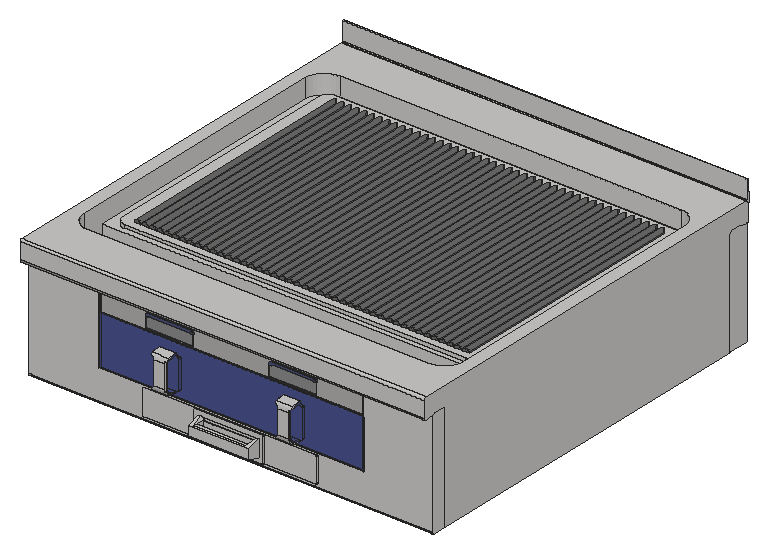
Revit family "QF_ELECTROLUXPROFESSIONAL_588067_MAHNABHOAO", category Specialty Equipment, Revit 2018 (continued)
Definition of nested family "EG_800_800 mm Full Grate"
  Automatic sketch dimensions
    curve 56 to curve 56 = 6.5 mm
    curve 60 to curve 57 = 9.283 mm
    curve 59 to curve 58 = 9.283 mm
    curve 58 to curve 58 = 472.969 mm
    curve 55 to curve 57 = 0 mm
    curve 55 to curve 55 = 9.283 mm
    curve 61 to curve 61 = 6.5 mm
    curve 64 to curve 65 = 6.5 mm
    curve 62 to curve 62 = 6.5 mm
    curve 66 to curve 63 = 9.283 mm
    curve 65 to curve 64 = 9.283 mm
    curve 64 to curve 64 = 472.969 mm
    curve 61 to curve 63 = 0 mm
    curve 61 to curve 61 = 9.283 mm
    curve 67 to curve 67 = 6.5 mm
    curve 70 to curve 71 = 6.5 mm
    curve 68 to curve 68 = 6.5 mm
    curve 72 to curve 69 = 9.283 mm
    curve 71 to curve 70 = 9.283 mm
    curve 70 to curve 70 = 472.969 mm
    curve 67 to curve 69 = 0 mm
    curve 67 to curve 67 = 9.283 mm
    curve 73 to curve 73 = 6.5 mm
    curve 76 to curve 77 = 6.5 mm
    curve 74 to curve 74 = 6.5 mm
    curve 78 to curve 75 = 9.283 mm
    curve 77 to curve 76 = 9.283 mm
    curve 76 to curve 76 = 472.969 mm
    curve 73 to curve 75 = 0 mm
    curve 73 to curve 73 = 9.283 mm
    curve 79 to curve 79 = 6.5 mm
    curve 82 to curve 83 = 6.5 mm
    curve 80 to curve 80 = 6.5 mm
    curve 84 to curve 81 = 9.283 mm
    curve 83 to curve 82 = 9.283 mm
    curve 82 to curve 82 = 472.969 mm
    curve 79 to curve 81 = 0 mm
    curve 79 to curve 79 = 9.283 mm
    curve 85 to curve 85 = 6.5 mm
    curve 88 to curve 89 = 6.5 mm
    curve 86 to curve 86 = 6.5 mm
    curve 90 to curve 87 = 9.283 mm
    curve 89 to curve 88 = 9.283 mm
    curve 88 to curve 88 = 472.969 mm
    curve 85 to curve 87 = 0 mm
    curve 85 to curve 85 = 9.283 mm
    curve 91 to curve 91 = 6.5 mm
    curve 94 to curve 95 = 6.5 mm
    curve 92 to curve 92 = 6.5 mm
    curve 96 to curve 93 = 9.283 mm
    curve 95 to curve 94 = 9.283 mm
    curve 94 to curve 94 = 472.969 mm
    curve 91 to curve 93 = 0 mm
    curve 91 to curve 91 = 9.283 mm
    curve 97 to curve 97 = 6.5 mm
    curve 100 to curve 101 = 6.5 mm
    curve 98 to curve 98 = 6.5 mm
    curve 102 to curve 99 = 9.283 mm
    curve 101 to curve 100 = 9.283 mm
    curve 100 to curve 100 = 472.969 mm
    curve 97 to curve 99 = 0 mm
    curve 97 to curve 97 = 9.283 mm
    curve 103 to curve 103 = 6.5 mm
    curve 106 to curve 107 = 6.5 mm
    curve 104 to curve 104 = 6.5 mm
    curve 108 to curve 105 = 9.283 mm
    curve 107 to curve 106 = 9.283 mm
    curve 106 to curve 106 = 472.969 mm
    curve 103 to curve 105 = 0 mm
    curve 103 to curve 103 = 9.283 mm
    curve 109 to curve 109 = 6.5 mm
    curve 112 to curve 113 = 6.5 mm
    curve 110 to curve 110 = 6.5 mm
    curve 114 to curve 111 = 9.283 mm
    curve 113 to curve 112 = 9.283 mm
    curve 112 to curve 112 = 472.969 mm
    curve 109 to curve 111 = 0 mm
    curve 109 to curve 109 = 9.283 mm
    curve 115 to curve 115 = 6.5 mm
    curve 118 to curve 119 = 6.5 mm
    curve 116 to curve 116 = 6.5 mm
    curve 120 to curve 117 = 9.283 mm
    curve 119 to curve 118 = 9.283 mm
    curve 118 to curve 118 = 472.969 mm
    curve 115 to curve 117 = 0 mm
    curve 115 to curve 115 = 9.283 mm
    curve 121 to curve 121 = 6.5 mm
    curve 124 to curve 125 = 6.5 mm
    curve 122 to curve 122 = 6.5 mm
    curve 126 to curve 123 = 9.283 mm
    curve 125 to curve 124 = 9.283 mm
    curve 124 to curve 124 = 472.969 mm
    curve 121 to curve 123 = 0 mm
    curve 121 to curve 121 = 9.283 mm
    curve 127 to curve 127 = 6.5 mm
    curve 130 to curve 131 = 6.5 mm
    curve 128 to curve 128 = 6.5 mm
    curve 132 to curve 129 = 9.283 mm
    curve 131 to curve 130 = 9.283 mm
    curve 130 to curve 130 = 472.969 mm
    curve 127 to curve 129 = 0 mm
    curve 127 to curve 127 = 9.283 mm
    curve 133 to curve 133 = 6.5 mm
    curve 136 to curve 137 = 6.5 mm
    curve 134 to curve 134 = 6.5 mm
    curve 138 to curve 135 = 9.283 mm
    curve 137 to curve 136 = 9.283 mm
    curve 136 to curve 136 = 472.969 mm
    curve 133 to curve 135 = 0 mm
    curve 133 to curve 133 = 9.283 mm
    curve 139 to curve 139 = 6.5 mm
    curve 142 to curve 143 = 6.5 mm
    curve 140 to curve 140 = 6.5 mm
    curve 144 to curve 141 = 9.283 mm
    curve 143 to curve 142 = 9.283 mm
    curve 142 to curve 142 = 472.969 mm
    curve 139 to curve 141 = 0 mm
    curve 139 to curve 139 = 9.283 mm
    curve 145 to curve 145 = 6.5 mm
    curve 148 to curve 149 = 6.5 mm
    curve 146 to curve 146 = 6.5 mm
    curve 150 to curve 147 = 9.283 mm
    curve 149 to curve 148 = 9.283 mm
    curve 148 to curve 148 = 472.969 mm
    curve 145 to curve 147 = 0 mm
    curve 145 to curve 145 = 9.283 mm
    curve 151 to curve 151 = 6.5 mm
    curve 154 to curve 155 = 6.5 mm
    curve 152 to curve 152 = 6.5 mm
    curve 156 to curve 153 = 9.283 mm
    curve 155 to curve 154 = 9.283 mm
    curve 154 to curve 154 = 472.969 mm
    curve 151 to curve 153 = 0 mm
    curve 151 to curve 151 = 9.283 mm
    curve 157 to curve 157 = 6.5 mm
    curve 160 to curve 161 = 6.5 mm
    curve 158 to curve 158 = 6.5 mm
    curve 162 to curve 159 = 9.283 mm
    curve 161 to curve 160 = 9.283 mm
    curve 160 to curve 160 = 472.969 mm
    curve 157 to curve 159 = 0 mm
    curve 157 to curve 157 = 9.283 mm
    curve 163 to curve 163 = 6.5 mm
    curve 166 to curve 167 = 6.5 mm
    curve 164 to curve 164 = 6.5 mm
    curve 168 to curve 165 = 9.283 mm
    curve 167 to curve 166 = 9.283 mm
    curve 166 to curve 166 = 472.969 mm
    curve 163 to curve 165 = 0 mm
    curve 163 to curve 163 = 9.283 mm
    curve 169 to curve 169 = 6.5 mm
    curve 172 to curve 173 = 6.5 mm
    curve 170 to curve 170 = 6.5 mm
    curve 174 to curve 171 = 9.283 mm
    curve 173 to curve 172 = 9.283 mm
    curve 172 to curve 172 = 472.969 mm
    curve 169 to curve 171 = 0 mm
    curve 169 to curve 169 = 9.283 mm
    curve 175 to curve 175 = 6.5 mm
    curve 178 to curve 179 = 6.5 mm
    curve 176 to curve 176 = 6.5 mm
    curve 180 to curve 177 = 9.283 mm
    curve 179 to curve 178 = 9.283 mm
    curve 178 to curve 178 = 472.969 mm
    curve 175 to curve 177 = 0 mm
    curve 175 to curve 175 = 9.283 mm
    curve 181 to curve 181 = 6.5 mm
    curve 184 to curve 185 = 6.5 mm
    curve 182 to curve 182 = 6.5 mm
    curve 186 to curve 183 = 9.283 mm
    curve 185 to curve 184 = 9.283 mm
    curve 184 to curve 184 = 472.969 mm
    curve 181 to curve 183 = 0 mm
    curve 181 to curve 181 = 9.283 mm
    curve 187 to curve 187 = 6.5 mm
    curve 190 to curve 191 = 6.5 mm
    curve 188 to curve 188 = 6.5 mm
    curve 192 to curve 189 = 9.283 mm
    curve 191 to curve 190 = 9.283 mm
    curve 190 to curve 190 = 472.969 mm
    curve 187 to curve 189 = 0 mm
    curve 187 to curve 187 = 9.283 mm
    curve 193 to curve 193 = 6.5 mm
    curve 196 to curve 197 = 6.5 mm
    curve 194 to curve 194 = 6.5 mm
    curve 198 to curve 195 = 9.283 mm
    curve 197 to curve 196 = 9.283 mm
    curve 196 to curve 196 = 472.969 mm
    curve 193 to curve 195 = 0 mm
    curve 193 to curve 193 = 9.283 mm
    curve 199 to curve 199 = 6.5 mm
    curve 202 to curve 203 = 6.5 mm
    curve 200 to curve 200 = 6.5 mm
    curve 204 to curve 201 = 9.283 mm
    curve 203 to curve 202 = 9.283 mm
    curve 202 to curve 202 = 472.969 mm
    curve 199 to curve 201 = 0 mm
    curve 199 to curve 199 = 9.283 mm
    curve 205 to curve 205 = 6.5 mm
    curve 208 to curve 209 = 6.5 mm
    curve 206 to curve 206 = 6.5 mm
    curve 210 to curve 207 = 9.283 mm
    curve 209 to curve 208 = 9.283 mm
    curve 208 to curve 208 = 472.969 mm
    curve 205 to curve 207 = 0 mm
    curve 205 to curve 205 = 9.283 mm
    curve 211 to curve 211 = 6.5 mm
    curve 214 to curve 215 = 6.5 mm
    curve 212 to curve 212 = 6.5 mm
    curve 216 to curve 213 = 9.283 mm
    curve 215 to curve 214 = 9.283 mm
    curve 214 to curve 214 = 472.969 mm
    curve 211 to curve 213 = 0 mm
    curve 211 to curve 211 = 9.283 mm
    curve 217 to curve 217 = 6.5 mm
    curve 220 to curve 221 = 6.5 mm
    curve 218 to curve 218 = 6.5 mm
    curve 222 to curve 219 = 9.283 mm
    curve 221 to curve 220 = 9.283 mm
    curve 220 to curve 220 = 472.969 mm
    curve 217 to curve 219 = 0 mm
    curve 217 to curve 217 = 9.283 mm
    curve 223 to curve 223 = 6.5 mm
    curve 226 to curve 227 = 6.5 mm
    curve 224 to curve 224 = 6.5 mm
    curve 228 to curve 225 = 9.283 mm
    curve 227 to curve 226 = 9.283 mm
    curve 226 to curve 226 = 472.969 mm
    curve 223 to curve 225 = 0 mm
    curve 223 to curve 223 = 9.283 mm
    curve 229 to curve 229 = 6.5 mm
    curve 232 to curve 233 = 6.5 mm
    curve 230 to curve 230 = 6.5 mm
    curve 234 to curve 231 = 9.283 mm
    curve 233 to curve 232 = 9.283 mm
    curve 232 to curve 232 = 472.969 mm
    curve 229 to curve 231 = 0 mm
    curve 229 to curve 229 = 9.283 mm
    curve 235 to curve 235 = 6.5 mm
    curve 238 to curve 239 = 6.5 mm
    curve 236 to curve 236 = 6.5 mm
    curve 240 to curve 237 = 9.283 mm
    curve 239 to curve 238 = 9.283 mm
    curve 238 to curve 238 = 472.969 mm
    curve 235 to curve 237 = 0 mm
    curve 235 to curve 235 = 9.283 mm
    curve 241 to curve 241 = 6.5 mm
    curve 244 to curve 245 = 6.5 mm
    curve 242 to curve 242 = 6.5 mm
    curve 246 to curve 243 = 9.283 mm
    curve 245 to curve 244 = 9.283 mm
    curve 244 to curve 244 = 472.969 mm
    curve 241 to curve 243 = 0 mm
    curve 241 to curve 241 = 9.283 mm
    curve 247 to curve 247 = 6.5 mm
    curve 250 to curve 251 = 6.5 mm
    curve 248 to curve 248 = 6.5 mm
    curve 252 to curve 249 = 9.283 mm
    curve 251 to curve 250 = 9.283 mm
    curve 250 to curve 250 = 472.969 mm
    curve 247 to curve 249 = 0 mm
    curve 247 to curve 247 = 9.283 mm
    curve 253 to curve 253 = 6.5 mm
    curve 256 to curve 257 = 6.5 mm
    curve 254 to curve 254 = 6.5 mm
    curve 258 to curve 255 = 9.283 mm
    curve 257 to curve 256 = 9.283 mm
    curve 256 to curve 256 = 472.969 mm
    curve 253 to curve 255 = 0 mm
    curve 253 to curve 253 = 9.283 mm
    curve 259 to curve 259 = 6.5 mm
    curve 262 to curve 263 = 6.5 mm
    curve 260 to curve 260 = 6.5 mm
    curve 264 to curve 261 = 9.283 mm
    curve 263 to curve 262 = 9.283 mm
    curve 262 to curve 262 = 472.969 mm
    curve 259 to curve 261 = 0 mm
    curve 259 to curve 259 = 9.283 mm
    curve 268 to plane 8 = 7 mm
    plane 9 to curve 269 = 5.85 mm
    plane 1 "Center (Front/Back)" to curve 269 = 210.212 mm
  Nested families
    nested 1: "Grate for Griddle_800" at (-324.5, 0, 11.99), type "Grate for Griddle_800"
    nested 2: "Grate for Griddle_800" at (324.5, 0, 11.99), type "Grate for Griddle_800"
    nested 3: "Grate for Griddle_800" at (-309.407, 0, 11.99), type "Grate for Griddle_800"
    nested 4: "Grate for Griddle_800" at (-294.314, 0, 11.99), type "Grate for Griddle_800"
    nested 5: "Grate for Griddle_800" at (-279.221, 0, 11.99), type "Grate for Griddle_800"
    nested 6: "Grate for Griddle_800" at (-264.128, 0, 11.99), type "Grate for Griddle_800"
    nested 7: "Grate for Griddle_800" at (-249.035, 0, 11.99), type "Grate for Griddle_800"
    nested 8: "Grate for Griddle_800" at (-233.942, 0, 11.99), type "Grate for Griddle_800"
    nested 9: "Grate for Griddle_800" at (-218.849, 0, 11.99), type "Grate for Griddle_800"
    nested 10: "Grate for Griddle_800" at (-203.756, 0, 11.99), type "Grate for Griddle_800"
    nested 11: "Grate for Griddle_800" at (-188.663, 0, 11.99), type "Grate for Griddle_800"
    nested 12: "Grate for Griddle_800" at (-173.57, 0, 11.99), type "Grate for Griddle_800"
    nested 13: "Grate for Griddle_800" at (-158.477, 0, 11.99), type "Grate for Griddle_800"
    nested 14: "Grate for Griddle_800" at (-143.384, 0, 11.99), type "Grate for Griddle_800"
    nested 15: "Grate for Griddle_800" at (-128.291, 0, 11.99), type "Grate for Griddle_800"
    nested 16: "Grate for Griddle_800" at (-113.198, 0, 11.99), type "Grate for Griddle_800"
    nested 17: "Grate for Griddle_800" at (-98.105, 0, 11.99), type "Grate for Griddle_800"
    nested 18: "Grate for Griddle_800" at (-83.012, 0, 11.99), type "Grate for Griddle_800"
    nested 19: "Grate for Griddle_800" at (-67.919, 0, 11.99), type "Grate for Griddle_800"
    nested 20: "Grate for Griddle_800" at (-52.826, 0, 11.99), type "Grate for Griddle_800"
    nested 21: "Grate for Griddle_800" at (-37.733, 0, 11.99), type "Grate for Griddle_800"
    nested 22: "Grate for Griddle_800" at (-22.64, 0, 11.99), type "Grate for Griddle_800"
    nested 23: "Grate for Griddle_800" at (-7.547, 0, 11.99), type "Grate for Griddle_800"
    nested 24: "Grate for Griddle_800" at (7.547, 0, 11.99), type "Grate for Griddle_800"
    nested 25: "Grate for Griddle_800" at (22.64, 0, 11.99), type "Grate for Griddle_800"
    nested 26: "Grate for Griddle_800" at (37.733, 0, 11.99), type "Grate for Griddle_800"
    nested 27: "Grate for Griddle_800" at (52.826, 0, 11.99), type "Grate for Griddle_800"
    nested 28: "Grate for Griddle_800" at (67.919, 0, 11.99), type "Grate for Griddle_800"
    nested 29: "Grate for Griddle_800" at (83.012, 0, 11.99), type "Grate for Griddle_800"
    nested 30: "Grate for Griddle_800" at (98.105, 0, 11.99), type "Grate for Griddle_800"
    nested 31: "Grate for Griddle_800" at (113.198, 0, 11.99), type "Grate for Griddle_800"
    nested 32: "Grate for Griddle_800" at (128.291, 0, 11.99), type "Grate for Griddle_800"
    nested 33: "Grate for Griddle_800" at (143.384, 0, 11.99), type "Grate for Griddle_800"
    nested 34: "Grate for Griddle_800" at (158.477, 0, 11.99), type "Grate for Griddle_800"
    nested 35: "Grate for Griddle_800" at (173.57, 0, 11.99), type "Grate for Griddle_800"
    nested 36: "Grate for Griddle_800" at (188.663, 0, 11.99), type "Grate for Griddle_800"
    nested 37: "Grate for Griddle_800" at (203.756, 0, 11.99), type "Grate for Griddle_800"
    nested 38: "Grate for Griddle_800" at (218.849, 0, 11.99), type "Grate for Griddle_800"
    nested 39: "Grate for Griddle_800" at (233.942, 0, 11.99), type "Grate for Griddle_800"
    nested 40: "Grate for Griddle_800" at (249.035, 0, 11.99), type "Grate for Griddle_800"
    nested 41: "Grate for Griddle_800" at (264.128, 0, 11.99), type "Grate for Griddle_800"
    nested 42: "Grate for Griddle_800" at (279.221, 0, 11.99), type "Grate for Griddle_800"
    nested 43: "Grate for Griddle_800" at (294.314, 0, 11.99), type "Grate for Griddle_800"
    nested 44: "Grate for Griddle_800" at (309.407, 0, 11.99), type "Grate for Griddle_800"
  Definition of nested family "Grate for Griddle_800"
    Reference planes
      plane 1 "Center (Front/Back)": y = 0
      plane 2: z = 0
      plane 3 "Center (Left/Right)": x = 0
      plane 4: x = -5.214
      plane 5: x = 7.786
      plane 6: y = 294
      plane 7: y = -194
    Forms (mm)
      Extrusion 1, solid
        sketch origin (1322.686, 294, -6.066) x (1, 0, 0) y (0, 0, 1)
          loop
            line (-1316.186, 888.55) -> (-1316.186, 890.55)
            arc (-1316.186, 890.55) -> (-1322.686, 894.177) -> (-1329.186, 890.55) r 7.638
            line (-1329.186, 890.55) -> (-1329.186, 888.55) -> (-1316.186, 888.55)
        from 0 to 488
      Extrusion 2, void
        sketch origin (0, 0, 0) x (1, 0, 0) y (0, 1, 0)
          loop
            line (-1.237, 294) -> (-6.5, 294) -> (-6.5, 286.484) -> (-1.237, 294)
          loop
            line (1.237, 294) -> (6.5, 286.484) -> (6.5, 294) -> (1.237, 294)
          loop
            line (-1.237, -294) -> (-6.5, -286.484) -> (-6.5, -294) -> (-1.237, -294)
          loop
            line (1.237, -294) -> (6.5, -294) -> (6.5, -286.484) -> (1.237, -294)
        from 878.991 to 892.372
    Cuts and joins
      Extrusion 2 cuts Extrusion 1
    Lines and regions (mm)
      symbolic lines
        curve 1: line (6.5, -186.484, 0) -> (6.5, 286.484, 0)
        curve 2: line (6.5, -186.484, 0) -> (1.237, -194, 0)
        curve 3: line (-1.237, -194, 0) -> (-6.5, -186.484, 0)
        curve 4: line (-6.5, 286.484, 0) -> (-6.5, -186.484, 0)
        curve 5: line (-6.5, 286.484, 0) -> (-1.237, 294, 0)
        curve 6: line (1.237, 294, 0) -> (6.5, 286.484, 0)
    Dimensions and locks
      plane 6 to plane 7 = 488 mm
      aligned and locked: Extrusion 1 to plane 7
      aligned and locked: plane 6 to Extrusion 1
      aligned and locked: cut or joined group of Extrusion 1, Extrusion 2 to curve 1
      aligned and locked: curve 4 to cut or joined group of Extrusion 1, Extrusion 2
      aligned and locked: curve 5 to cut or joined group of Extrusion 1, Extrusion 2
      aligned and locked: curve 6 to cut or joined group of Extrusion 1, Extrusion 2
